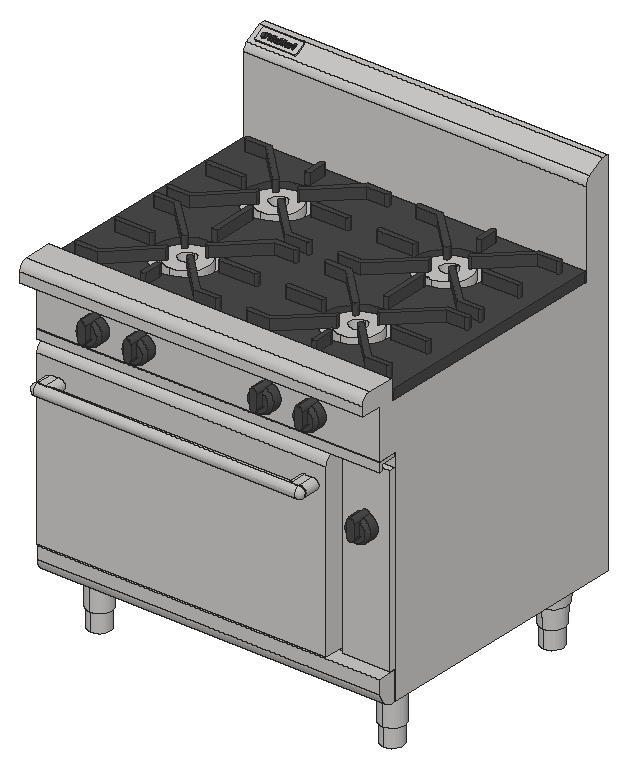
Revit family "QF_MOFFAT WALDORF_RN8910GC", category Specialty Equipment, Revit 2012 (continued)
Dimensions and locks (in)
  equal spacing: plane 5 "FRONT", plane 8 "Center X", plane 1 "BACK"
  plane 5 "FRONT" to plane 1 "BACK" = 31.69291"  (x2)
  equal spacing: plane 4 "RIGHT", plane 7 "Center Y", plane 3 "LEFT"
  plane 4 "RIGHT" to plane 3 "LEFT" = 35.43307"
  "Height": plane 6 "TOP" to level
  plane 10 to plane 1 "BACK" = 22.60914"
  plane 12 to plane 1 "BACK" = 12.00678"  (x2)
  plane 11 to plane 3 "LEFT" = 2.3622"
  plane 14 to plane 3 "LEFT" = 2.91339"
  plane 9 to plane 3 "LEFT" = 11.02362"
  "Depth": plane 1 "BACK" to plane 15
  plane 15 to plane 5 "FRONT" = 0"
  plane 6 "TOP" to plane 2 = 44.48819"
  locked: plane 2 to Extrusion 1 sketch curve at 33.92913
  locked: plane 2 to Extrusion 1 sketch curve at 36.02362
  Extrusion 9 sketch curve to plane 19 = 2.55118"
  aligned and locked: level to plane 2
  aligned and locked: curve 3 to plane 4 "RIGHT"
Automatic sketch dimensions
  Extrusion 1 sketch curve to plane 5 "FRONT" = 0"
  Extrusion 1 sketch curve to plane 6 "TOP" = 0"
  Extrusion 1 sketch curve to plane 1 "BACK" = 0"
  Extrusion 1 sketch curve to plane 5 "FRONT" = 0.94488"
  Extrusion 1 sketch curve to plane 5 "FRONT" = 2.20472"
  Extrusion 1 sketch curve to Extrusion 1 sketch curve = 0"
  Extrusion 1 sketch curve to plane 5 "FRONT" = 2.29408"
  Extrusion 1 sketch curve to Extrusion 1 sketch curve = 0.25145"
  Extrusion 1 sketch curve to Extrusion 1 sketch curve = 0.34551"
  Extrusion 1 sketch curve to Extrusion 1 sketch curve = 1.5748"
  Extrusion 1 sketch curve to Extrusion 1 sketch curve = 1.69978"
  Extrusion 1 sketch curve to Extrusion 1 sketch curve = 0.10337"
  Extrusion 1 sketch curve to Extrusion 1 sketch curve = 1.64106"
  Extrusion 1 sketch curve to Extrusion 1 sketch curve = 0.16535"  (x2)
  Extrusion 1 sketch curve to plane 17 = 1.49606"
  Extrusion 1 sketch curve to Extrusion 1 sketch curve = 0.44453"
  Extrusion 1 sketch curve to plane 17 = 0.60701"
  plane 17 to Extrusion 1 sketch curve = 0.61024"
  plane 18 to Extrusion 1 sketch curve = 3.19759"
  Extrusion 1 sketch curve to Extrusion 1 sketch curve = 0.08724"
  Extrusion 1 sketch curve to Extrusion 1 sketch curve = 0.27574"
  Extrusion 1 sketch curve to Extrusion 1 sketch curve = 0.66927"
  level to Extrusion 1 sketch curve = 8.75984"
  Extrusion 1 sketch curve to Extrusion 1 sketch curve = 1.14103"
  Extrusion 1 sketch curve to Extrusion 1 sketch curve = 1.35827"
  Extrusion 1 sketch curve to Extrusion 1 sketch curve = 0.00281"
  Extrusion 1 sketch curve to plane 6 "TOP" = 1.72937"
  Extrusion 1 to Split face 1 sketch curve = 0.07725"
  Split face 1 sketch curve to Extrusion 1 = 0.5567"
  Split face 1 sketch curve to Extrusion 1 = 5.1017"
  Split face 1 sketch curve to Split face 1 sketch curve = 0.7874"
  Extrusion 1 to Split face 2 sketch curve = 0.07725"
  Split face 2 sketch curve to Extrusion 1 = 0.5567"
  Split face 2 sketch curve to Extrusion 1 = 6.16142"
  Split face 2 sketch curve to Split face 2 sketch curve = 0.7874"
  Extrusion 1 to Split face 3 sketch curve = 0.07725"
  Split face 3 sketch curve to Extrusion 1 = 0.5567"
  Split face 3 sketch curve to Extrusion 1 = 7.22441"
  Split face 3 sketch curve to Split face 3 sketch curve = 0.7874"
  Extrusion 1 to Split face 4 sketch curve = 0.07725"
  Split face 4 sketch curve to Extrusion 1 = 0.5567"
  Split face 4 sketch curve to Extrusion 1 = 8.2874"
  Split face 4 sketch curve to Split face 4 sketch curve = 0.7874"
  Extrusion 1 to Split face 5 sketch curve = 0.07725"
  Split face 5 sketch curve to Extrusion 1 = 0.5567"
  Split face 5 sketch curve to Extrusion 1 = 9.35039"
  Split face 5 sketch curve to Split face 5 sketch curve = 0.7874"
  Extrusion 1 to Split face 6 sketch curve = 0.07725"
  Split face 6 sketch curve to Extrusion 1 = 0.5567"
  Split face 6 sketch curve to Extrusion 1 = 10.41339"
  Split face 6 sketch curve to Split face 6 sketch curve = 0.7874"
  Extrusion 1 to Split face 7 sketch curve = 0.07725"
  Split face 7 sketch curve to Extrusion 1 = 0.5567"
  Split face 7 sketch curve to Extrusion 1 = 11.47638"
  Split face 7 sketch curve to Split face 7 sketch curve = 0.7874"
  Extrusion 1 to Split face 8 sketch curve = 0.07725"
  Split face 8 sketch curve to Extrusion 1 = 0.5567"
  Split face 8 sketch curve to Extrusion 1 = 11.08268"
  Split face 8 sketch curve to Split face 8 sketch curve = 0.7874"
  Extrusion 1 to Split face 9 sketch curve = 0.07725"
  Split face 9 sketch curve to Extrusion 1 = 0.5567"
  Split face 9 sketch curve to Extrusion 1 = 10.01968"
  Split face 9 sketch curve to Split face 9 sketch curve = 0.7874"
  Extrusion 1 to Split face 10 sketch curve = 0.07725"
  Split face 10 sketch curve to Extrusion 1 = 0.5567"
  Split face 10 sketch curve to Extrusion 1 = 8.95669"
  Split face 10 sketch curve to Split face 10 sketch curve = 0.7874"
  Extrusion 1 to Split face 11 sketch curve = 0.07725"
  Split face 11 sketch curve to Extrusion 1 = 0.5567"
  Split face 11 sketch curve to Extrusion 1 = 7.8937"
  Split face 11 sketch curve to Split face 11 sketch curve = 0.7874"
  Extrusion 1 to Split face 12 sketch curve = 0.07725"
  Split face 12 sketch curve to Extrusion 1 = 0.5567"
  Split face 12 sketch curve to Extrusion 1 = 6.83071"
  Split face 12 sketch curve to Split face 12 sketch curve = 0.7874"
  Extrusion 1 to Split face 13 sketch curve = 0.07725"
  Split face 13 sketch curve to Extrusion 1 = 0.5567"
  Split face 13 sketch curve to Extrusion 1 = 5.76772"
  Split face 13 sketch curve to Split face 13 sketch curve = 0.7874"
  plane 18 to Extrusion 2 sketch curve = 0.82677"
  Extrusion 2 sketch curve to plane 5 "FRONT" = 2.20472"
  Extrusion 2 sketch curve to Extrusion 2 sketch curve = 0.94488"
  Extrusion 2 sketch curve to Extrusion 2 sketch curve = 1.9685"
  level to Extrusion 2 sketch curve = 8.95669"
  Extrusion 3 sketch curve to Extrusion 3 sketch curve = 0.59055"
  level to Extrusion 3 sketch curve = 8.95669"
  Extrusion 1 to Split face 14 sketch curve = 0.07725"
  Split face 14 sketch curve to Extrusion 1 = 0.5567"
  Split face 14 sketch curve to Extrusion 1 = 12.63039"
  Split face 14 sketch curve to Split face 14 sketch curve = 0.7874"
  Extrusion 1 to Split face 15 sketch curve = 0.07725"
  Split face 15 sketch curve to Extrusion 1 = 0.5567"
  Split face 15 sketch curve to Extrusion 1 = 13.78105"
  Split face 15 sketch curve to Split face 15 sketch curve = 0.7874"
  Extrusion 1 to Split face 16 sketch curve = 0.07725"
  Split face 16 sketch curve to Extrusion 1 = 0.5567"
  Split face 16 sketch curve to Extrusion 1 = 14.844"
  Split face 16 sketch curve to Split face 16 sketch curve = 0.7874"
  Extrusion 1 to Split face 17 sketch curve = 0.07725"
  Split face 17 sketch curve to Extrusion 1 = 0.5567"
  Split face 17 sketch curve to Extrusion 1 = 15.84702"
  Split face 17 sketch curve to Split face 17 sketch curve = 0.7874"
  Extrusion 1 to Split face 18 sketch curve = 0.07725"
  Split face 18 sketch curve to Extrusion 1 = 0.5567"
  Split face 18 sketch curve to Extrusion 1 = 16.88825"
  Split face 18 sketch curve to Split face 18 sketch curve = 0.7874"
  Extrusion 1 to Split face 19 sketch curve = 0.07725"
  Split face 19 sketch curve to Extrusion 1 = 0.5567"
  Split face 19 sketch curve to Extrusion 1 = 17.51786"
  Split face 19 sketch curve to Split face 19 sketch curve = 0.7874"
  Extrusion 1 to Split face 20 sketch curve = 0.07725"
  Split face 20 sketch curve to Extrusion 1 = 0.5567"
  Split face 20 sketch curve to Extrusion 1 = 16.49829"
  Split face 20 sketch curve to Split face 20 sketch curve = 0.7874"
  Extrusion 1 to Split face 21 sketch curve = 0.07725"
  Split face 21 sketch curve to Extrusion 1 = 0.5567"
  Split face 21 sketch curve to Extrusion 1 = 15 117/256"
  Split face 21 sketch curve to Split face 21 sketch curve = 0.7874"
  Extrusion 1 to Split face 22 sketch curve = 0.07725"
  Split face 22 sketch curve to Extrusion 1 = 0.5567"
  Split face 22 sketch curve to Extrusion 1 = 14.26393"
  Split face 22 sketch curve to Split face 22 sketch curve = 0.7874"
  Extrusion 1 to Split face 23 sketch curve = 0.07725"
  Split face 23 sketch curve to Extrusion 1 = 0.5567"
  Split face 23 sketch curve to Extrusion 1 = 13.1576"
  Split face 23 sketch curve to Split face 23 sketch curve = 0.7874"
  Extrusion 1 to Split face 24 sketch curve = 0.07725"
  Split face 24 sketch curve to Extrusion 1 = 0.5567"
  Split face 24 sketch curve to Extrusion 1 = 12.15973"
  Split face 24 sketch curve to Split face 24 sketch curve = 0.7874"
  Revolve 4 sketch curve to level = 0"
  Revolve 4 sketch curve to plane 17 = 4.36035"
  Revolve 4 sketch curve to Revolve 4 sketch curve = 0.16372"
  Revolve 4 sketch curve to Revolve 4 sketch curve = 0.19733"
  Revolve 4 sketch curve to Revolve 4 sketch curve = 0.07213"
  Revolve 4 sketch curve to Revolve 4 sketch curve = 0.16732"
  Revolve 4 sketch curve to Revolve 4 sketch curve = 1.68319"
  Revolve 4 sketch curve to Revolve 4 sketch curve = 0"  (x2)
  level to Revolve 4 sketch curve = 1.9685"
  Revolve 4 sketch curve to Revolve 4 sketch curve = 2.06567"
  Revolve 4 sketch curve to Revolve 4 sketch curve = 1.87134"
  Revolve 4 sketch curve to Revolve 4 sketch curve = 2.16535"
  Revolve 5 sketch curve to level = 0"
  Revolve 5 sketch curve to plane 10 = 3.24716"
  Revolve 5 sketch curve to Revolve 5 sketch curve = 0.16732"
  Revolve 5 sketch curve to Revolve 5 sketch curve = 1.08268"  (x2)
  level to Revolve 5 sketch curve = 1.9685"
  Revolve 5 sketch curve to Revolve 5 sketch curve = 0"
  Revolve 5 sketch curve to Revolve 5 sketch curve = 3.93701"
  Revolve 5 sketch curve to Revolve 5 sketch curve = 2.16535"
  Revolve 6 sketch curve to level = 0"
  Revolve 6 sketch curve to plane 17 = 4.36035"
  Revolve 6 sketch curve to Revolve 6 sketch curve = 0"  (x3)
  Revolve 6 sketch curve to Revolve 6 sketch curve = 0.16372"
  Revolve 6 sketch curve to Revolve 6 sketch curve = 0.19733"
  Revolve 6 sketch curve to Revolve 6 sketch curve = 0.07213"
  Revolve 6 sketch curve to Revolve 6 sketch curve = 0.16732"
  Revolve 6 sketch curve to Revolve 6 sketch curve = 1.68319"
  Revolve 6 sketch curve to level = 2.16535"
  Revolve 6 sketch curve to Revolve 6 sketch curve = 1.9685"
  Revolve 6 sketch curve to Revolve 6 sketch curve = 2.06567"
  Revolve 6 sketch curve to Revolve 6 sketch curve = 1.87134"
  Revolve 7 sketch curve to level = 0"
  Revolve 7 sketch curve to plane 10 = 3.24716"
  Revolve 7 sketch curve to Revolve 7 sketch curve = 0.16732"
  Revolve 7 sketch curve to Revolve 7 sketch curve = 1.08268"  (x2)
  Revolve 7 sketch curve to level = 2.16535"
  Revolve 7 sketch curve to Revolve 7 sketch curve = 1.9685"
  Revolve 7 sketch curve to Revolve 7 sketch curve = 0"
  Revolve 7 sketch curve to Revolve 7 sketch curve = 3.93701"
  plane 17 to Extrusion 8 sketch curve = 0"
  Extrusion 8 sketch curve to plane 16 = 2.53937"
  Extrusion 9 sketch curve to plane 4 "RIGHT" = 0"
  plane 3 "LEFT" to Extrusion 9 sketch curve = 0.15748"
  Extrusion 9 sketch curve to plane 17 = 1.53543"
  Extrusion 9 sketch curve to Extrusion 9 sketch curve = 0.11811"
  plane 12 to Extrusion 9 sketch curve = 2.65639"  (x2)
  Extrusion 9 sketch curve to plane 5 "FRONT" = 4.09449"  (x2)
  plane 4 "RIGHT" to Extrusion 9 sketch curve = 0.11811"
  Extrusion 9 sketch curve to plane 9 = 2.15013"  (x2)
  Extrusion 10 sketch curve to Extrusion 9 = 0.92118"  (x4)
  Extrusion 10 sketch curve to Extrusion 9 = 1.24415"  (x4)
  Extrusion 10 sketch curve to Extrusion 10 sketch curve = 0.25197"  (x30)
  Extrusion 10 sketch curve to Extrusion 10 sketch curve = 1.81906"  (x2)
  Extrusion 10 sketch curve to Extrusion 10 sketch curve = 2.39855"  (x4)
  Extrusion 10 sketch curve to Extrusion 10 sketch curve = 0"  (x15)
  Extrusion 10 sketch curve to Extrusion 10 sketch curve = 0.17817"  (x16)
  Extrusion 10 sketch curve to Extrusion 10 sketch curve = 0.80802"  (x11)
  Extrusion 10 sketch curve to Extrusion 10 sketch curve = 4.55506"  (x4)
  Extrusion 10 sketch curve to Extrusion 10 sketch curve = 2.11998"  (x16)
  Extrusion 10 sketch curve to Extrusion 10 sketch curve = 2.2017"  (x12)
  Extrusion 10 sketch curve to Extrusion 10 sketch curve = 1.18909"  (x4)
  Extrusion 10 sketch curve to Extrusion 10 sketch curve = 4.57497"  (x2)
  Extrusion 10 sketch curve to Extrusion 9 = 1.74809"  (x4)
  Extrusion 10 sketch curve to Extrusion 9 = 1.60958"  (x4)
  Extrusion 10 sketch curve to Extrusion 9 = 1.61015"  (x2)
  Extrusion 10 sketch curve to Extrusion 10 sketch curve = 2.04595"  (x11)
  Extrusion 10 sketch curve to Extrusion 10 sketch curve = 0.20874"  (x16)
  Extrusion 10 sketch curve to Extrusion 10 sketch curve = 3.59071"  (x6)
  Extrusion 10 sketch curve to Extrusion 10 sketch curve = 4.70266"  (x3)
  Extrusion 10 sketch curve to Extrusion 10 sketch curve = 3.29789"  (x3)
  Extrusion 10 sketch curve to Extrusion 10 sketch curve = 3.29905"  (x2)
  Extrusion 10 sketch curve to Extrusion 9 = 3.90364"  (x3)
  Extrusion 10 sketch curve to Extrusion 9 = 1.64952"  (x2)
  Extrusion 10 sketch curve to Extrusion 9 = 1.64895"  (x4)
  Extrusion 11 sketch curve to Extrusion 1 = 2.8937"
  Extrusion 11 sketch curve to Extrusion 1 = 7.73457"
  Revolve 12 sketch curve to plane 5 "FRONT" = 2.14567"
  Revolve 12 sketch curve to Revolve 12 sketch curve = 0"  (x2)
  Revolve 12 sketch curve to Revolve 12 sketch curve = 0.43307"
  Revolve 12 sketch curve to Revolve 12 sketch curve = 1/2"
  Revolve 12 sketch curve to Revolve 12 sketch curve = 0.90551"
  Revolve 12 sketch curve to Revolve 12 sketch curve = 0.3937"
  Revolve 12 sketch curve to plane 18 = 4.10925"
  Revolve 12 sketch curve to Revolve 12 sketch curve = 0.19685"
  Revolve 12 sketch curve to plane 18 = 3.05999"
  Revolve 12 sketch curve to Revolve 12 sketch curve = 0.23027"
  Extrusion 13 sketch curve to plane 16 = 0.28174"
  plane 16 to Extrusion 13 sketch curve = 0.11196"
  Extrusion 13 sketch curve to plane 18 = 4.42421"
  Extrusion 13 sketch curve to plane 18 = 3.04626"
  Extrusion 14 sketch curve to plane 5 "FRONT" = 2.20472"
  level to Extrusion 14 sketch curve = 8.95669"
  plane 5 "FRONT" to Extrusion 14 sketch curve = 16.29319"
  plane 1 "BACK" to curve 1 = 0"
  curve 1 to plane 3 "LEFT" = 0"
  plane 5 "FRONT" to curve 109 = 0"
  curve 178 to plane 7 "Center Y" = 0"
  plane 3 "LEFT" to curve 7 = 0.49213"
  plane 3 "LEFT" to curve 109 = 0.89175"
  curve 153 to plane 11 = 0.99567"
  curve 151 to plane 8 "Center X" = 0.25596"
  curve 151 to plane 11 = 0.99567"
  curve 112 to plane 11 = 0.96523"
  curve 114 to plane 13 = 0.04041"
  curve 114 to plane 11 = 0.96523"
  curve 155 to plane 11 = 0.90802"
  curve 121 to plane 11 = 0.87758"
  curve 110 to plane 11 = 0.43744"
  curve 109 to plane 11 = 0.3619"
  plane 14 to curve 113 = 0.8704"
  plane 14 to curve 114 = 0.8704"
  plane 14 to curve 152 = 0.88917"
  plane 14 to curve 154 = 0.88917"
  plane 17 to curve 6 = 0.43474"
  plane 14 to curve 6 = 1.87008"
  curve 7 to curve 10 = 0.31823"
  plane 14 to curve 155 = 2.51848"
  plane 14 to curve 121 = 2.54892"
  plane 17 to curve 12 = 0.3834"
  curve 9 to curve 12 = 0.7874"
  curve 11 to curve 16 = 0.27232"
  curve 13 to curve 15 = 0.7874"
  curve 15 to curve 20 = 0.27559"
  curve 155 to curve 152 = 2.26406"
  plane 10 to curve 154 = 0.28209"
  curve 154 to curve 152 = 0"
  plane 12 to curve 115 = 1.53997"
  curve 121 to curve 115 = 2.26406"
  curve 113 to curve 115 = 0"
  plane 17 to curve 20 = 0.3834"
  curve 17 to curve 20 = 0.7874"
  curve 19 to curve 24 = 0.27559"
  curve 122 to plane 9 = 2.17069"
  curve 157 to plane 9 = 2.16117"
  curve 122 to curve 170 = 0.01409"
  curve 160 to plane 10 = 0.79637"
  curve 157 to curve 160 = 0.01104"
  curve 157 to curve 176 = 0.01104"
  plane 12 to curve 159 = 0.41229"
  curve 123 to curve 159 = 0.00647"
  curve 21 to curve 22 = 0.7874"
  curve 22 to curve 26 = 0.27559"
  plane 10 to curve 150 = 0.33131"
  curve 150 to plane 9 = 1.03345"
  curve 148 to plane 9 = 1.03345"
  curve 117 to plane 9 = 1.00301"
  curve 119 to plane 9 = 1.00301"
  curve 26 to curve 28 = 0.7874"
  curve 28 to curve 30 = 0.27232"
  plane 9 to curve 32 = 0.17389"
  curve 32 to curve 34 = 0.27559"
  plane 9 to curve 156 = 1.2306"
  plane 17 to curve 37 = 0.3834"
  curve 34 to curve 37 = 0.7874"
  plane 9 to curve 120 = 1.26104"
  curve 36 to curve 38 = 0.27559"
  curve 38 to curve 40 = 0.7874"
  curve 40 to curve 42 = 0.45756"
  curve 42 to curve 117 = 0.13292"
  curve 119 to plane 13 = 0.04041"
  plane 9 to curve 119 = 2.89035"
  curve 148 to plane 8 "Center X" = 0.25596"
  curve 118 to curve 148 = 0.01877"
  plane 9 to curve 149 = 2.90912"
  plane 17 to curve 44 = 0.3834"
  curve 42 to curve 44 = 0.7874"
  curve 44 to curve 49 = 0.27232"
  plane 17 to curve 48 = 0.3834"
  curve 46 to curve 48 = 0.7874"
  curve 47 to curve 50 = 0.27559"
  curve 156 to plane 7 "Center Y" = 1.48463"
  curve 120 to plane 7 "Center Y" = 1.45419"
  curve 147 to plane 7 "Center Y" = 1.39698"
  curve 149 to plane 7 "Center Y" = 1.39698"
  curve 116 to plane 7 "Center Y" = 1.36654"
  curve 118 to plane 7 "Center Y" = 1.36654"
  plane 17 to curve 53 = 0.3834"
  curve 50 to curve 53 = 0.7874"
  curve 51 to curve 54 = 0.27559"
  plane 7 "Center Y" to curve 55 = 0.03762"
  curve 56 to curve 58 = 0.27559"
  plane 17 to curve 60 = 0.3834"
  curve 58 to curve 60 = 0.7874"
  curve 140 to plane 8 "Center X" = 0.25596"
  plane 7 "Center Y" to curve 140 = 1.36654"
  curve 130 to plane 13 = 0.04041"
  plane 7 "Center Y" to curve 130 = 1.36654"
  plane 7 "Center Y" to curve 142 = 1.36654"
  plane 7 "Center Y" to curve 128 = 1.36654"
  curve 59 to curve 62 = 0.27232"
  plane 7 "Center Y" to curve 132 = 1.45419"
  plane 7 "Center Y" to curve 144 = 1.45419"
  curve 62 to curve 63 = 0.7874"
  curve 64 to curve 69 = 0.27559"
  curve 66 to curve 68 = 0.7874"
  curve 68 to curve 73 = 0.27559"
  curve 140 to curve 141 = 2.43602"
  curve 131 to curve 140 = 0"
  curve 142 to curve 143 = 2.43602"
  curve 70 to curve 129 = 0.30364"
  curve 70 to curve 72 = 0.7874"
  curve 72 to curve 74 = 0.27262"
  curve 74 to curve 76 = 0.7874"
  plane 10 to curve 144 = 1.44512"
  curve 144 to curve 144 = 3.97768"
  curve 132 to curve 132 = 3.97768"
  curve 76 to curve 78 = 0.27232"
  plane 17 to curve 81 = 0.3834"
  curve 78 to curve 81 = 0.7874"
  curve 79 to curve 83 = 0.27559"
  curve 82 to curve 83 = 0.7874"
  plane 10 to curve 141 = 2.61336"
  curve 144 to curve 141 = 2.26406"
  plane 12 to curve 131 = 1.49075"
  curve 132 to curve 131 = 2.26406"
  plane 10 to curve 143 = 0.28209"
  curve 143 to curve 141 = 0"
  curve 129 to curve 131 = 0"
  curve 83 to curve 86 = 0.27559"
  plane 17 to curve 88 = 0.3834"
  curve 86 to curve 88 = 0.7874"
  curve 87 to curve 91 = 0.27559"
  curve 143 to curve 173 = 1.14712"
  curve 165 to curve 173 = 0"
  curve 131 to curve 162 = 1.14712"
  curve 135 to plane 12 = 0.69004"
  curve 162 to curve 135 = 0.00647"
  curve 174 to curve 146 = 0.0194"
  curve 90 to curve 134 = 0.05598"
  curve 90 to curve 91 = 0.7874"
  curve 91 to curve 95 = 0.27232"
  curve 171 to curve 125 = 1.14065"
  plane 10 to curve 139 = 0.33131"
  curve 173 to curve 139 = 1.14712"
  plane 10 to curve 137 = 2.56415"
  curve 164 to curve 137 = 1.14712"
  plane 12 to curve 127 = 1.53997"
  curve 171 to curve 127 = 1.14065"
  curve 94 to curve 96 = 0.7874"
  plane 5 "FRONT" to curve 110 = 0.57261"
  curve 110 to plane 16 = 4.43471"
  curve 96 to curve 98 = 0.27559"
  curve 110 to curve 111 = 0.99179"
  plane 17 to curve 100 = 0.3834"
  curve 98 to curve 100 = 0.7874"
  curve 100 to curve 102 = 0.27559"
  curve 127 to curve 133 = 2.26406"
  curve 139 to curve 145 = 2.26406"
  curve 111 to curve 167 = 0.50985"
  plane 17 to curve 105 = 0.3834"
  curve 102 to curve 105 = 0.7874"
  curve 139 to plane 16 = 1.20505"
  curve 125 to plane 16 = 1.20505"
  curve 127 to plane 13 = 0.04041"
  curve 127 to plane 16 = 1.20505"
  curve 137 to plane 8 "Center X" = 0.25596"
  curve 137 to plane 16 = 1.20505"
  plane 16 to curve 133 = 1.09411"
  plane 16 to curve 145 = 1.09411"
  plane 16 to curve 126 = 1.18176"
  plane 16 to curve 138 = 1.18176"
  plane 16 to curve 124 = 1.18176"
  plane 16 to curve 136 = 1.18176"
  curve 167 to curve 110 = 15.72058"
  curve 3 to curve 106 = 3.77953"
  curve 106 to curve 107 = 0.12992"
  curve 157 to curve 160 = 3.53662"
  curve 146 to plane 10 = 4.33299"
  curve 154 to plane 10 = 3.61127"
  curve 107 to curve 138 = 1.56305"
  curve 142 to plane 10 = 3.61127"
  curve 178 to curve 149 = 1.56305"
  curve 157 to curve 160 = 1.37127"
  curve 146 to curve 146 = 2.16535"
  curve 157 to curve 175 = 0.25836"
  curve 146 to curve 174 = 0.25836"
  curve 165 to plane 10 = 0.79637"
  plane 10 to curve 175 = 1.43718"
  plane 10 to curve 174 = 1.43718"
  plane 10 to curve 155 = 1.44512"
  plane 10 to curve 156 = 1.44512"
  plane 10 to curve 145 = 1.44512"
  curve 175 to curve 161 = 0.01055"
  curve 173 to curve 165 = 0.01055"
  curve 160 to curve 148 = 1.11642"
  curve 152 to curve 161 = 1.07846"
  curve 176 to curve 123 = 0.13535"
  curve 174 to curve 135 = 0.13535"
  curve 177 to plane 13 = 0.92623"
  curve 169 to plane 12 = 0.69004"
  plane 12 to curve 163 = 0.41229"
  plane 12 to curve 119 = 1.49075"
  plane 12 to curve 121 = 2.65378"
  plane 12 to curve 132 = 2.65378"
  plane 12 to curve 133 = 2.65378"
  curve 119 to curve 120 = 1.16303"
  curve 127 to curve 162 = 1.11642"
  curve 115 to curve 158 = 1.11642"
  curve 162 to curve 172 = 0"
  curve 158 to curve 170 = 0"
  curve 169 to curve 113 = 1.11641"
  curve 171 to curve 125 = 1.11641"
  curve 117 to curve 158 = 1.07846"
  curve 129 to curve 162 = 1.07846"
  curve 171 to curve 134 = 0.27694"
  curve 170 to curve 122 = 0.27694"
  curve 112 to plane 17 = 3.03155"
  curve 129 to plane 17 = 3.03155"
  curve 125 to plane 17 = 3.03155"
  curve 117 to plane 17 = 3.03155"
  curve 122 to curve 122 = 2.21076"
  curve 134 to curve 134 = 2.21076"
  curve 178 to plane 17 = 1.6037"
  curve 108 to curve 4 = 0.10763"
  curve 5 to plane 17 = 0.75725"
  curve 88 to plane 17 = 0.72936"
  curve 64 to plane 17 = 0.72936"
  curve 87 to curve 90 = 0"
  curve 60 to curve 62 = 0"
  curve 91 to curve 94 = 0"
  curve 56 to curve 58 = 0"
  curve 95 to curve 98 = 0"
  curve 52 to curve 54 = 0"
  curve 99 to curve 102 = 0"
  curve 48 to curve 50 = 0"
  curve 68 to plane 17 = 0.72936"
  curve 44 to curve 46 = 0"
  curve 84 to curve 86 = 0"
  curve 39 to curve 42 = 0"
  curve 36 to curve 38 = 0"
  curve 67 to curve 70 = 0"
  curve 32 to curve 34 = 0"
  curve 28 to curve 30 = 0"
  curve 23 to curve 26 = 0"
  curve 19 to curve 21 = 0"
  curve 80 to curve 82 = 0"
  curve 15 to curve 17 = 0"
  curve 11 to curve 13 = 0"
  curve 71 to curve 74 = 0"
  plane 17 to curve 97 = 0.3834"
  curve 88 to curve 93 = 0"
  curve 80 to curve 85 = 0"
  plane 17 to curve 77 = 0.3834"
  plane 17 to curve 73 = 0.3834"
  plane 17 to curve 69 = 0.3834"
  curve 60 to curve 65 = 0"
  curve 52 to curve 57 = 0"
  curve 36 to curve 41 = 0"
  plane 17 to curve 33 = 0.3834"
  plane 17 to curve 29 = 0.3834"
  curve 19 to curve 24 = 0"
  curve 11 to curve 16 = 0"
  plane 1 "BACK" to Extrusion 15 sketch curve = 0"
  Extrusion 15 sketch curve to plane 17 = 0.27559"
  Extrusion 15 sketch curve to plane 16 = 5.5315"
  Extrusion 15 sketch curve to Extrusion 15 sketch curve = 1.9685"
  Extrusion 15 sketch curve to plane 16 = 0.41339"
  Extrusion 15 sketch curve to plane 17 = 2.16535"
  Extrusion 3 sketch curve to plane 5 "FRONT" = 3.58268"
  plane 18 to Extrusion 3 sketch curve = 1.77165"
  plane 10 to Extrusion 9 sketch curve = 1.43718"  (x2)
  Extrusion 9 sketch curve to plane 16 = 6.29475"  (x2)
  Extrusion 16 sketch curve to Extrusion 16 sketch curve = 0"  (x8)
  Extrusion 1 to Extrusion 16 sketch curve = 6.59449"  (x2)
  Extrusion 16 sketch curve to Extrusion 1 = 6.75197"  (x2)
  Extrusion 1 to Extrusion 16 sketch curve = 8.87349"  (x4)
  Extrusion 17 sketch curve to plane 11 = 0.05795"
  Extrusion 17 sketch curve to plane 18 = 1.84547"  (x2)
  Extrusion 17 sketch curve to Extrusion 17 sketch curve = 0.59055"  (x2)
  Extrusion 17 sketch curve to plane 16 = 5.1375"
  Extrusion 17 sketch curve to Extrusion 17 sketch curve = 0.79849"  (x2)
  Revolve 18 sketch curve to plane 3 "LEFT" = 0.27405"
  plane 3 "LEFT" to Revolve 18 sketch curve = 0.91521"
  Revolve 18 sketch curve to plane 18 = 0.66437"
  Revolve 18 sketch curve to Revolve 18 sketch curve = 0.59055"
  Revolve 18 sketch curve to plane 18 = 1.25492"
  plane 7 "Center Y" to Revolve 18 sketch curve = 5.43461"
  Revolve 18 sketch curve to plane 16 = 4.33901"
  Revolve 19 sketch curve to plane 5 "FRONT" = 0.47244"
  Revolve 19 sketch curve to Revolve 19 sketch curve = 0"  (x2)
  Revolve 19 sketch curve to Revolve 19 sketch curve = 0.43307"
  Revolve 19 sketch curve to Revolve 19 sketch curve = 1/2"
  Revolve 19 sketch curve to Revolve 19 sketch curve = 0.90551"
  Revolve 19 sketch curve to Revolve 19 sketch curve = 0.3937"
  plane 18 to Revolve 19 sketch curve = 5.58589"
  Revolve 19 sketch curve to Revolve 19 sketch curve = 0.19685"
  Revolve 19 sketch curve to Revolve 19 sketch curve = 1.04926"
  Revolve 19 sketch curve to Revolve 19 sketch curve = 0.23027"
  Revolve 20 sketch curve to plane 5 "FRONT" = 0.47244"
  Revolve 20 sketch curve to Revolve 20 sketch curve = 0"  (x2)
  Revolve 20 sketch curve to Revolve 20 sketch curve = 0.43307"
  Revolve 20 sketch curve to Revolve 20 sketch curve = 1/2"
  Revolve 20 sketch curve to Revolve 20 sketch curve = 0.90551"
  Revolve 20 sketch curve to Revolve 20 sketch curve = 0.3937"
  plane 18 to Revolve 20 sketch curve = 6.86542"
  Revolve 20 sketch curve to Revolve 20 sketch curve = 0.23027"
  Revolve 20 sketch curve to Revolve 20 sketch curve = 1.08268"
  Revolve 20 sketch curve to Revolve 20 sketch curve = 0.19685"
  Revolve 21 sketch curve to plane 5 "FRONT" = 0.47244"
  Revolve 21 sketch curve to Revolve 21 sketch curve = 0"  (x2)
  Revolve 21 sketch curve to Revolve 21 sketch curve = 0.43307"
  Revolve 21 sketch curve to Revolve 21 sketch curve = 1/2"
  Revolve 21 sketch curve to Revolve 21 sketch curve = 0.90551"
  Revolve 21 sketch curve to Revolve 21 sketch curve = 0.3937"
  plane 18 to Revolve 21 sketch curve = 6.86542"
  Revolve 21 sketch curve to Revolve 21 sketch curve = 0.23027"
  Revolve 21 sketch curve to Revolve 21 sketch curve = 1.08268"
  Revolve 21 sketch curve to Revolve 21 sketch curve = 0.19685"
  Revolve 22 sketch curve to plane 5 "FRONT" = 0.47244"
  Revolve 22 sketch curve to Revolve 22 sketch curve = 0"  (x2)
  Revolve 22 sketch curve to Revolve 22 sketch curve = 0.43307"
  Revolve 22 sketch curve to Revolve 22 sketch curve = 1/2"
  Revolve 22 sketch curve to Revolve 22 sketch curve = 0.90551"
  Revolve 22 sketch curve to Revolve 22 sketch curve = 0.3937"
  plane 18 to Revolve 22 sketch curve = 6.86542"
  Revolve 22 sketch curve to Revolve 22 sketch curve = 0.23027"
  Revolve 22 sketch curve to Revolve 22 sketch curve = 1.08268"
  Revolve 22 sketch curve to Revolve 22 sketch curve = 0.19685"
  Extrusion 23 sketch curve to plane 16 = 4.31717"
  Extrusion 23 sketch curve to Extrusion 23 sketch curve = 0.3937"
  plane 18 to Extrusion 23 sketch curve = 5.27093"
  Extrusion 23 sketch curve to Extrusion 23 sketch curve = 1.37795"
  plane 14 to Extrusion 24 sketch curve = 3.95792"
  Extrusion 24 sketch curve to Extrusion 24 sketch curve = 0.3937"
  plane 18 to Extrusion 24 sketch curve = 6.64888"
  Extrusion 24 sketch curve to Extrusion 24 sketch curve = 1.37795"
  plane 9 to Extrusion 25 sketch curve = 0.59574"
  plane 9 to Extrusion 25 sketch curve = 0.20204"
  plane 18 to Extrusion 25 sketch curve = 6.64888"
  Extrusion 25 sketch curve to Extrusion 25 sketch curve = 1.37795"
  plane 7 "Center Y" to Extrusion 26 sketch curve = 6.89496"
  Extrusion 26 sketch curve to Extrusion 26 sketch curve = 0.3937"
  plane 18 to Extrusion 26 sketch curve = 6.64888"
  Extrusion 26 sketch curve to Extrusion 26 sketch curve = 1.37795"
  curve 158 to curve 179 = 0"  (x2)
  curve 180 to curve 179 = 0.86614"
  curve 162 to curve 181 = 0"  (x2)
  curve 181 to curve 181 = 0.86614"
  curve 164 to curve 183 = 0"  (x2)
  plane 10 to curve 183 = 0.58158"
  curve 160 to curve 185 = 0"  (x2)
  plane 10 to curve 185 = 0.58158"
  radius of Extrusion 8 sketch curve = 0.3937"
  radius of Extrusion 9 sketch curve = 3.34646"  (x4)
  radius of Extrusion 11 sketch curve = 0.3937"
  radius of Extrusion 16 sketch curve = 2.24409"  (x4)
  radius of Extrusion 16 sketch curve = 0.86614"  (x4)
Nested families (in)
  nested 1: "WALDORF LOGO_FACE BASE" at (0.49213, -0.83795, 44.37945) x (1, 0, 0) z (0, -0.5, 0.866), visible <- "Show Logo", type "WALDORF LOGO_FACE BASE", detail levels medium+fine
    with Show Logo yes
Connectors (in)
  piping at (30.31496, -1.25984, 25.7874)
    settings: on Extrusion 8, index 4, connector radius 3/8", flow factor 0, pipe flow 0 GPM, pressure drop 0.00 psi, fitting loss kfactor 0, connector angle 0.00°, fixture units 0, engagement length 0", flow configuration 1, flow direction 1, fitting loss method 0, system type 7, joint type 0, gender type 0, connector reference index -1, connector utility 0, adjustable connector no, is connector primary yes, fitting loss table "", connector description "GAS CONNECTION"
  electrical at (32.53937, -19.69576, 5.74803), driven by "Volts", driven by "Watts", driven by "Watts"
    settings: on Extrusion 11, index 5, voltage 240 V, apparent load 130 VA, apparent load phase1 130 VA, apparent load phase2 0 VA, apparent load phase3 0 VA, power factor 1, load classification "Other", number of poles 1, system type 30, power factor state 1, is connector primary yes, connector utility no, sub classification motor no, connector description "ELECTRICAL CONNECTION"
Definition of nested family "WALDORF LOGO_FACE BASE"
  Parameters (values of type "WALDORF LOGO_FACE BASE")
    Show Logo [instance] = yes
    Default Elevation = 48"
  Reference planes (in)
    plane 1 "Center (Front/Back)": y = 0
    plane 2: z = 0
    plane 3 "Center (Left/Right)": x = 0
  Forms (in)
    Extrusion 1, solid
      sketch origin (0, 0, 0) x (1, 0, 0) y (0, 1, 0)
        loop
          line (-48, 48) -> (-48, -48) -> (48, -48) -> (48, 48) -> (-48, 48)
      from 0 to -12
    Extrusion 2, solid, material "QF_Finishes_Stainless Steel", visible <- "Show Logo"
      sketch origin (0, -1.30776, 0) x (1, 0, 0) y (0, 1, 0)
        loop
          arc (0.19685, 1.34409) -> (0.05766, 1.28644) -> (0, 1.14724) r 0.19685
          line (0, 1.14724) -> (0, 0.19685)
          arc (0, 0.19685) -> (0.05766, 0.05766) -> (0.19685, 0) r 0.19685
          line (0.19685, 0) -> (4.09449, 0)
          arc (4.09449, 0) -> (4.23368, 0.05766) -> (4.29134, 0.19685) r 0.19685
          line (4.29134, 0.19685) -> (4.29134, 1.14724)
          arc (4.29134, 1.14724) -> (4.23368, 1.28644) -> (4.09449, 1.34409) r 0.19685
          line (4.09449, 1.34409) -> (0.19685, 1.34409)
      from 0 to 0.0625
    Extrusion 3, solid, material "QF_Finishes_Black", visible <- "Show Logo"
      sketch origin (0, -1.30776, 0.0625) x (1, 0, 0) y (0, 1, 0)
        loop
          line (0.97529, 0.91394) -> (1.10205, 0.40555) -> (1.24216, 0.40555) -> (1.31667, 0.68363) -> (1.38601, 0.40555) -> (1.54851, 0.40555) -> (1.65657, 0.91394) -> (1.50992, 0.91394) -> (1.44394, 0.60355) -> (1.37797, 0.91394) -> (1.25007, 0.91394) -> (1.18409, 0.60355) -> (1.11812, 0.91394) -> (0.97529, 0.91394)
        loop
          line (1.66424, 0.67145) -> (1.79935, 0.67145)
          spline (1.79935, 0.67145) -> (1.80084, 0.68049) -> (1.8052, 0.68892) -> (1.81214, 0.69616) -> (1.82119, 0.70171) -> (1.83172, 0.7052) -> (1.84303, 0.70639) -> (1.85433, 0.7052) -> (1.86487, 0.70171) -> (1.87391, 0.69616) -> (1.88085, 0.68892) -> (1.88522, 0.68049) -> (1.8867, 0.67145)
          line (1.8867, 0.67145) -> (1.8867, 0.63866)
          arc (1.8867, 0.63866) -> (1.80086, 0.63047) -> (1.71911, 0.60304) r 0.3781
          arc (1.71911, 0.60304) -> (1.65056, 0.50429) -> (1.71911, 0.40555) r 0.1054
          arc (1.71911, 0.40555) -> (1.79242, 0.4076) -> (1.86346, 0.42583) r 0.32932
          line (1.86346, 0.42583) -> (1.8934, 0.4372) -> (1.8934, 0.40555) -> (2.04004, 0.40555) -> (2.04004, 0.67145)
          spline (2.04004, 0.67145) -> (2.03364, 0.70162) -> (2.01487, 0.72973) -> (1.98501, 0.75387) -> (1.94609, 0.77239) -> (1.90077, 0.78403) -> (1.85214, 0.788) -> (1.80351, 0.78403) -> (1.75819, 0.77239) -> (1.71928, 0.75387) -> (1.68942, 0.72973) -> (1.67064, 0.70162) -> (1.66424, 0.67145)
        loop
          line (2.09256, 0.91394) -> (2.09256, 0.40555) -> (2.25865, 0.40555) -> (2.25865, 0.91394) -> (2.09256, 0.91394)
        loop
          line (2.55408, 0.91394) -> (2.55408, 0.7424)
          arc (2.55408, 0.7424) -> (2.28672, 0.59489) -> (2.55408, 0.44737) r 0.17438
          line (2.55408, 0.44737) -> (2.55408, 0.40555) -> (2.69204, 0.40555) -> (2.69204, 0.91394) -> (2.55408, 0.91394)
        loop
          arc (2.55408, 0.6332) -> (2.41772, 0.59004) -> (2.55408, 0.54689) r 0.07501
          line (2.55408, 0.54689) -> (2.55408, 0.6332)
        loop
          circle (2.93792, 0.59932) r 0.19685
        loop
          spline (2.93792, 0.70298) -> (2.92737, 0.69944) -> (2.91754, 0.68909) -> (2.90909, 0.67262) -> (2.90261, 0.65115) -> (2.89854, 0.62615) -> (2.89715, 0.59932) -> (2.89854, 0.57249) -> (2.90261, 0.54749) -> (2.90909, 0.52602) -> (2.91754, 0.50954) -> (2.92737, 0.49919) -> (2.93792, 0.49566)
          spline (2.93792, 0.49566) -> (2.94847, 0.49919) -> (2.9583, 0.50954) -> (2.96674, 0.52602) -> (2.97322, 0.54749) -> (2.97729, 0.57249) -> (2.97868, 0.59932) -> (2.97729, 0.62615) -> (2.97322, 0.65115) -> (2.96674, 0.67262) -> (2.9583, 0.68909) -> (2.94847, 0.69944) -> (2.93792, 0.70298)
        loop
          line (3.19903, 0.78003) -> (3.19903, 0.40555) -> (3.33994, 0.40555) -> (3.33994, 0.55809)
          arc (3.33994, 0.55809) -> (3.38007, 0.63357) -> (3.46509, 0.64251) r 0.09104
          line (3.46509, 0.64251) -> (3.46509, 0.78003) -> (3.43153, 0.78003)
          arc (3.43153, 0.78003) -> (3.36715, 0.75849) -> (3.3287, 0.70254) r 0.10698
          line (3.3287, 0.70254) -> (3.3287, 0.78003) -> (3.19903, 0.78003)
        loop
          line (3.55311, 0.78003) -> (3.50041, 0.78003) -> (3.50041, 0.69348) -> (3.55311, 0.69348) -> (3.55311, 0.40555) -> (3.7007, 0.40555) -> (3.7007, 0.69348) -> (3.7566, 0.69348) -> (3.7566, 0.78003) -> (3.7007, 0.78003)
          arc (3.7007, 0.78003) -> (3.71707, 0.81956) -> (3.7566, 0.83593) r 0.05591
          line (3.7566, 0.83593) -> (3.7566, 0.92922) -> (3.67389, 0.92922)
          arc (3.67389, 0.92922) -> (3.59618, 0.9017) -> (3.55311, 0.8314) r 0.12349
          line (3.55311, 0.8314) -> (3.55311, 0.78003)
        loop
          arc (0.60004, 0.92798) -> (0.3304, 0.65058) -> (0.60004, 0.37318) r 0.27751
          line (0.60004, 0.37318) -> (0.60004, 0.92798)
        loop
          line (0.61579, 0.92798) -> (0.61579, 0.37318)
          arc (0.61579, 0.37318) -> (0.88543, 0.65058) -> (0.61579, 0.92798) r 0.27751
        loop
          arc (1.8867, 0.57916) -> (1.8215, 0.54129) -> (1.8867, 0.50342) r 0.0436
          line (1.8867, 0.50342) -> (1.8867, 0.57916)
      from 0 to 0.00787
  Dimensions and locks (in)
    aligned and locked: plane 2 to Extrusion 1
    aligned and locked: level to Extrusion 1
